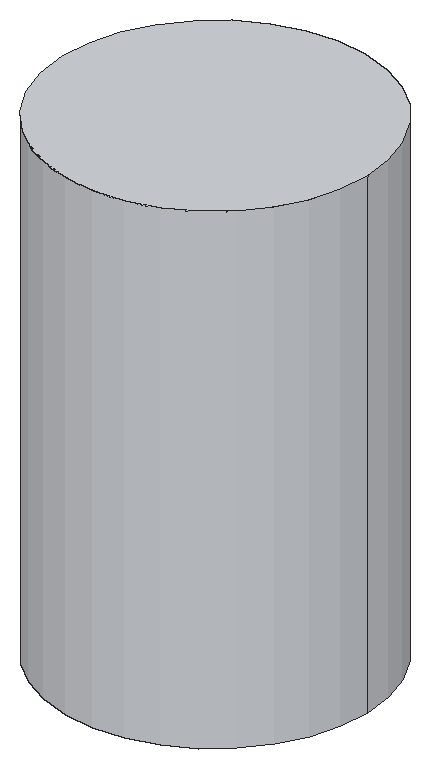
Revit family "StructuralFoundations_FreeformProfile", category Structural Foundations, Revit 2022
Family settings
  Material for Model Behavior = Concrete
  Cap = No
  Work Plane-Based = No
  Always vertical = Yes
  Cut with Voids When Loaded = No
  Shared = Yes
Parameters (values of type "RC PILE")
  Type Comments = ""
  Structural Material = <By Category>
  Pile Length [instance] = Pile Depth + Pile Embedment  # 1575 mm
  Pile Embedment [instance] = 75 mm  # constant formula
  Pile Depth [instance] = 1500 mm
  Keynote = ""
  Description = ""
  Assembly Code = ""
Reference planes
  plane 1 "Center (Front/Back)": y = 0
  plane 2: z = 0
  plane 3 "Center (Left/Right)": x = 0
  plane 4 "Top Constraint": z = 75
  plane 5 "Bottom Constraint": z = -1500
Forms (mm)
  Extrusion 1, solid
    sketch origin (0, 0, 0) x (1, 0, 0) y (0, 1, 0)
      loop
        circle (0, 0) r 500
    from -1500 to 75
Lines and regions (mm)
  symbolic lines, style "HiddenStructuralFoundationLines"
    curve 1: line (-500, 0, 75) -> (500, 0, 75)
    curve 2: line (0, 500, 75) -> (0, -500, 75)
Dimensions and locks
  level to plane 4 "Top Constraint" = 75 mm
  "Pile Depth": plane 2 to plane 5 "Bottom Constraint"
  "Pile Embedment": plane 4 "Top Constraint" to plane 2
  aligned and locked: plane 4 "Top Constraint" to Extrusion 1
  aligned and locked: curve 1 to plane 4 "Top Constraint"
  aligned and locked: Extrusion 1 to plane 4 "Top Constraint"
  aligned and locked: Extrusion 1 to plane 5 "Bottom Constraint"
  aligned and locked: curve 2 to plane 4 "Top Constraint"
Automatic sketch dimensions
  plane 1 "Center (Front/Back)" to Extrusion 1 sketch curve = 0 mm
  Extrusion 1 sketch curve to plane 3 "Center (Left/Right)" = 0 mm
  plane 3 "Center (Left/Right)" to curve 1 = 500 mm
  curve 1 to plane 3 "Center (Left/Right)" = 500 mm
  plane 1 "Center (Front/Back)" to curve 2 = 500 mm
  curve 2 to plane 1 "Center (Front/Back)" = 500 mm
  radius of Extrusion 1 sketch curve = 500 mm
